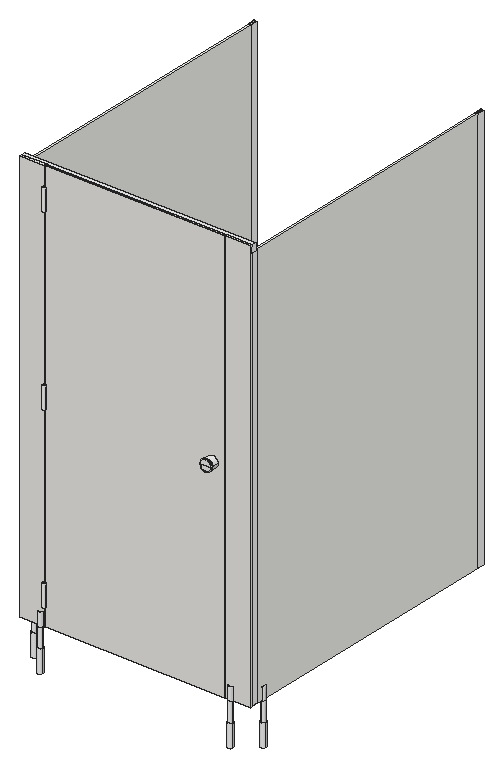
Revit family "Alsanit - Kabiny sanitarne SOLARI - HPL", category Doors, Revit 2020 (continued)
Definition of nested family "front"
  Lines and regions (mm)
    symbolic lines, visible <- "Drzwi zewnętrzne"
      curve 1: line (-450, -10, 0) -> (-450, -910, 0)
      curve 2: line (-450, -10, 0) -> (450, -10, 0)
      curve 3: arc (-450, -910, 0) -> (186.396, -646.396, 0) -> (450, -10, 0) r 900
    symbolic lines, visible <- "Drzwi wewnętrzne"
      curve 4: line (-450, 0, 0) -> (-450, 900, 0)
      curve 5: line (-450, 0, 0) -> (450, 0, 0)
      curve 6: arc (450, 0, 0) -> (186.396, 636.396, 0) -> (-450, 900, 0) r 900
  Dimensions and locks
    "Wysokość dolnej szczeliny": plane 5 to plane 2
    "Wysokość drzwi": plane 6 to plane 2
    "Grubość ścianki": plane 4 to plane 1 "Center (Front/Back)"
    locked: plane 9 to plane 7 at 57
    "Szerokość drzwi": plane 8 to plane 7
    equal spacing: plane 8, plane 3 "Center (Left/Right)", plane 7
    locked: plane 4 to plane 10 at 7
    plane 1 "Center (Front/Back)" to plane 13 to plane 12 = 5.00 mm locked, 9.00 mm locked
    locked: plane 9 to plane 15 at 76.5
    plane 6 to plane 16 to plane 17 = 83.25 mm locked, 93.50 mm locked
    locked: plane 14 to level at 1110
    "Szerokość drzwi": plane 4 to plane 18
    "Szerokość drzwi": plane 1 "Center (Front/Back)" to plane 19
    aligned and locked: level to plane 2
    aligned and locked: plane 6 to Sweep 1 sketch curve
    aligned and locked: plane 3 "Center (Left/Right)" to Sweep 1 sketch curve
    aligned and locked: plane 5 to Sweep 1 sketch curve
    aligned and locked: Sweep 1 sketch curve to plane 8
    aligned and locked: Sweep 1 sketch curve to plane 7
    aligned and locked: plane 8 to Revolve 3 sketch curve  (x2)
    aligned and locked: Sweep 1 sketch curve to plane 4
    aligned and locked: plane 13 to Sweep 5 sketch curve
    aligned and locked: plane 12 to Sweep 5 sketch curve
    aligned and locked: plane 7 to Sweep 5 sketch curve
    aligned and locked: plane 13 to Extrusion 6
    aligned and locked: plane 1 "Center (Front/Back)" to Extrusion 6
    aligned and locked: plane 15 to Revolve 10 sketch curve
    aligned and locked: Revolve 10 sketch curve to plane 15
    aligned and locked: plane 17 to Revolve 3 sketch curve
    aligned and locked: Revolve 3 sketch curve to plane 16
    aligned and locked: plane 8 to curve 1
    aligned and locked: curve 2 to plane 4
    aligned and locked: plane 7 to curve 2
    aligned and locked: plane 18 to curve 1
    aligned and locked: curve 4 to plane 8
    aligned and locked: plane 1 "Center (Front/Back)" to curve 5
    aligned and locked: plane 7 to curve 5
  Automatic sketch dimensions
    Revolve 2 sketch curve to plane 4 = 0.00 mm
    Revolve 2 sketch curve to plane 9 = 0.00 mm  (x3)
    Revolve 2 sketch curve to plane 12 = 0.00 mm
    plane 9 to Revolve 2 sketch curve = 25.00 mm
    Revolve 2 sketch curve to Revolve 2 sketch curve = 0.00 mm
    Revolve 2 sketch curve to plane 10 = 24.00 mm
    Revolve 2 sketch curve to Revolve 2 sketch curve = 33.00 mm
    Revolve 2 sketch curve to Revolve 2 sketch curve = 25.00 mm
    Revolve 2 sketch curve to Revolve 2 sketch curve = 10.00 mm
    plane 8 to Revolve 3 sketch curve = 0.00 mm  (x2)
    Revolve 3 sketch curve to Revolve 3 sketch curve = 7.00 mm  (x3)
    Revolve 3 sketch curve to plane 5 = 85.25 mm
    Revolve 3 sketch curve to Revolve 3 sketch curve = 93.50 mm
    Revolve 3 sketch curve to Revolve 3 sketch curve = 31.50 mm
    Revolve 3 sketch curve to Revolve 3 sketch curve = 20.00 mm
    Sweep 5 sketch curve to profile plane = 0.00 mm
    profile plane to Sweep 5 sketch curve = 4.314 mm  (x2)
    profile plane to Sweep 5 sketch curve = 1.866 mm
    Sweep 5 sketch curve to profile plane = 23.373 mm
    Sweep 5 sketch curve to profile plane = 48.128 mm
    Sweep 5 sketch curve to profile plane = 8.829 mm
    profile plane to Sweep 5 sketch curve = 23.373 mm
    Extrusion 6 sketch curve to plane 3 "Center (Left/Right)" = 0.00 mm
    Extrusion 6 sketch curve to plane 3 "Center (Left/Right)" = 9.496 mm
    Extrusion 6 sketch curve to Extrusion 6 sketch curve = 4.01 mm  (x2)
    plane 3 "Center (Left/Right)" to Extrusion 6 sketch curve = 9.496 mm
    Extrusion 6 sketch curve to plane 6 = 252.608 mm
    Extrusion 6 sketch curve to Extrusion 6 sketch curve = 5.253 mm  (x2)
    Extrusion 6 sketch curve to Extrusion 6 sketch curve = 8.198 mm  (x2)
    Extrusion 6 sketch curve to Extrusion 6 sketch curve = 9.245 mm
    Extrusion 6 sketch curve to Extrusion 6 sketch curve = 0.00 mm
    Extrusion 7 sketch curve to plane 6 = 252.608 mm
    Extrusion 7 sketch curve to Extrusion 7 sketch curve = 3.724 mm
    Extrusion 7 sketch curve to Extrusion 7 sketch curve = 6.458 mm
    Extrusion 7 sketch curve to Extrusion 7 sketch curve = 7.301 mm
    Extrusion 7 sketch curve to Extrusion 7 sketch curve = 3.101 mm
    Extrusion 7 sketch curve to Extrusion 7 sketch curve = 10.258 mm
    Extrusion 7 sketch curve to Extrusion 7 sketch curve = 4.27 mm
    Extrusion 7 sketch curve to Extrusion 7 sketch curve = 5.269 mm
    Extrusion 7 sketch curve to Extrusion 7 sketch curve = 11.338 mm
    Extrusion 7 sketch curve to Extrusion 7 sketch curve = 0.173 mm
    Extrusion 7 sketch curve to Extrusion 7 sketch curve = 3.03 mm
    Extrusion 7 sketch curve to Extrusion 7 sketch curve = 7.018 mm
    Extrusion 7 sketch curve to Extrusion 7 sketch curve = 44.934 mm
    Extrusion 7 sketch curve to Extrusion 7 sketch curve = 0.00 mm  (x3)
    Extrusion 8 sketch curve to plane 6 = 252.608 mm
    Extrusion 8 sketch curve to Extrusion 8 sketch curve = 3.724 mm
    Extrusion 8 sketch curve to Extrusion 8 sketch curve = 6.458 mm
    Extrusion 8 sketch curve to Extrusion 8 sketch curve = 7.301 mm
    Extrusion 8 sketch curve to Extrusion 8 sketch curve = 3.101 mm
    Extrusion 8 sketch curve to Extrusion 8 sketch curve = 10.258 mm
    Extrusion 8 sketch curve to Extrusion 8 sketch curve = 4.27 mm
    Extrusion 8 sketch curve to Extrusion 8 sketch curve = 5.269 mm
    Extrusion 8 sketch curve to Extrusion 8 sketch curve = 11.338 mm
    Extrusion 8 sketch curve to Extrusion 8 sketch curve = 0.173 mm
    Extrusion 8 sketch curve to Extrusion 8 sketch curve = 3.03 mm
    Extrusion 8 sketch curve to Extrusion 8 sketch curve = 7.018 mm
    Extrusion 8 sketch curve to Extrusion 8 sketch curve = 44.934 mm
    Extrusion 8 sketch curve to Extrusion 8 sketch curve = 0.00 mm  (x3)
    plane 8 to Revolve 9 sketch curve = 0.00 mm  (x4)
    Revolve 9 sketch curve to Revolve 9 sketch curve = 7.00 mm  (x3)
    Revolve 9 sketch curve to plane 6 = 83.25 mm
    Revolve 9 sketch curve to Revolve 9 sketch curve = 93.50 mm
    plane 14 to Revolve 9 sketch curve = 46.75 mm
    Revolve 9 sketch curve to plane 14 = 46.75 mm
    Revolve 9 sketch curve to plane 5 = 178.75 mm
    Revolve 9 sketch curve to plane 5 = 85.25 mm
    Revolve 9 sketch curve to Revolve 9 sketch curve = 20.00 mm
    Revolve 9 sketch curve to Revolve 9 sketch curve = 31.50 mm
    plane 14 to Revolve 3 sketch curve = 46.75 mm
    Revolve 3 sketch curve to plane 14 = 46.75 mm
    plane 1 "Center (Front/Back)" to Sweep 1 sketch curve = 0.00 mm
    Revolve 4 sketch curve to plane 9 = 0.00 mm  (x4)
    Revolve 4 sketch curve to plane 12 = 0.00 mm
    plane 1 "Center (Front/Back)" to Revolve 4 sketch curve = 0.00 mm
    plane 9 to Revolve 4 sketch curve = 24.00 mm
    plane 9 to Revolve 4 sketch curve = 25.00 mm
    Revolve 4 sketch curve to Revolve 4 sketch curve = 1.50 mm
    plane 9 to Revolve 4 sketch curve = 27.00 mm
    Revolve 4 sketch curve to plane 10 = 24.00 mm
    Revolve 4 sketch curve to Revolve 4 sketch curve = 3.50 mm
    Revolve 4 sketch curve to Revolve 4 sketch curve = 33.00 mm
    Revolve 4 sketch curve to Revolve 4 sketch curve = 5.00 mm
    Revolve 4 sketch curve to Revolve 4 sketch curve = 20.00 mm
    Revolve 4 sketch curve to Revolve 4 sketch curve = 10.00 mm
    plane 1 "Center (Front/Back)" to Revolve 10 sketch curve = 0.00 mm
    Revolve 10 sketch curve to plane 13 = 0.00 mm
    plane 12 to Revolve 10 sketch curve = 1.00 mm
    plane 15 to Revolve 10 sketch curve = 6.00 mm
    Revolve 10 sketch curve to Revolve 10 sketch curve = 2.00 mm
    Revolve 10 sketch curve to plane 7 = 1.50 mm
    plane 12 to Revolve 10 sketch curve = 6.00 mm
    Revolve 10 sketch curve to plane 12 = 4.00 mm
    Revolve 10 sketch curve to Revolve 10 sketch curve = 15.00 mm
Types (2, lengths in mm): name | Thickness | Szerokość zewnętrzna modułu | Prawe odsunięcie osi | Odsunięcie prawej ścianki od osi (min. 70 mm) | Lewe odsunięcie osi | Odsunięcie lewej ścianki od osi (min. 70 mm) | Grubość ścianki
  10 mm | 10.00 | 1026.00 | 8.00 | 102.00 | 8.00 | 102.00 | 10.00
  12 mm | 12.00 | 1030.00 | 9.00 | 103.00 | 9.00 | 103.00 | 12.00
